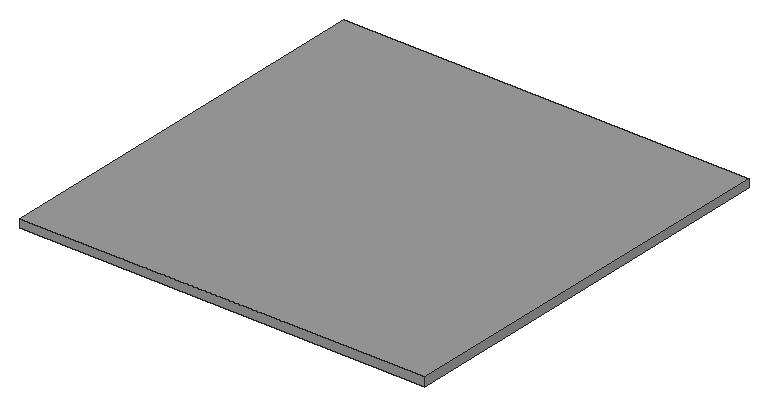
Revit family "WM-MN Skimmend 85mm Family", category Generic Models, host Ceiling, Revit 2017
Family settings
  Host = Ceiling
  Can host rebar = No
  Round Connector Dimension = Use Diameter
  Part Type = Normal
  Always vertical = Yes
  Cut with Voids When Loaded = No
  Shared = No
  Room Calculation Point = No
Parameters (values of type "Lambdaboard")
  Width = 4000 mm
  URL = "www.rigifoam.com"
  Type Comments = "duncan@rigifoam.com"
  Thermal Resistance = 3.5400 (m²·K)/W
  Thermal Conductivity = 0.0240 W/(m·K)
  Model = "WM/MN Skimmend 85mm"
  Material = Polyisocyanurate
  Manufacturer = "Lambdaboard"
  Length = 4000 mm
  Description = "Flexible PIR Insulation"
  Depth = 85 mm
  Density = 40.0000 kg/m³
Reference planes
  plane 1 "Center (Front/Back)": y = 0
  plane 2: z = 0
  plane 3 "Center (Left/Right)": x = 0
  plane 4 "Ceiling": z = 4000
Forms (mm)
  Extrusion 1, solid, material "Polyisocyanurate" <- "Material"
    sketch origin (0, 0, 4000) x (0, 1, 0) y (-1, 0, 0)
      loop
        line (2000, 2000) -> (-2000, 2000) -> (-2000, -2000) -> (2000, -2000) -> (2000, 2000)
    from -85 to 0
Dimensions and locks
  equal spacing: host sketch curve, plane 3 "Center (Left/Right)", host sketch curve
  equal spacing: host sketch curve, plane 1 "Center (Front/Back)", host sketch curve
  host sketch curve to host sketch curve = 4000 mm  (x2)
  plane 4 "Ceiling" to host ceiling = 0 mm
  "Length": Extrusion 1 to Extrusion 1
  "Width": Extrusion 1 to Extrusion 1
  Extrusion 1 to plane 3 "Center (Left/Right)" = 2000 mm
  plane 3 "Center (Left/Right)" to Extrusion 1 = 2000 mm
  "Depth": Extrusion 1 to Extrusion 1
Automatic sketch dimensions
  plane 1 "Center (Front/Back)" to Extrusion 1 sketch curve = 2000 mm
  Extrusion 1 sketch curve to plane 1 "Center (Front/Back)" = 2000 mm
  plane 3 "Center (Left/Right)" to Extrusion 1 sketch curve = 2000 mm
  Extrusion 1 sketch curve to plane 3 "Center (Left/Right)" = 2000 mm
